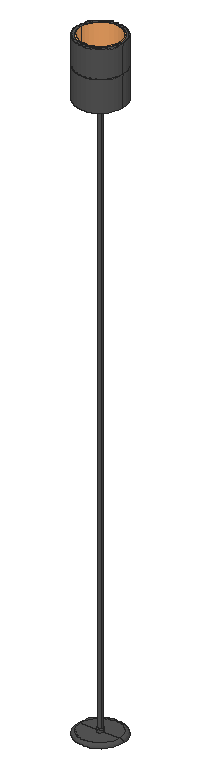
Revit family "MELO CYLINDER PENDANT LIGHT", category Lighting Fixtures, host Face, Revit 2020 (continued)
Types (16): name | Wattage_Input | Wattage Comments | Wattage | Voltage_Input | Size 08 | Size 06 | Size 04 | Selectable Wattage | Photometric Web File | Pendent Rod Length_1 | Pendent | Order number | built-in parameter 1150142 | Model | built-in parameter 1150105 | Lumens | built-in parameter 1150106 | Fixture Diameter | Canopy for Surface Mount J-box | Canopy for Recessed J-Box | Canopy Height | C2 H | C1 H | BEAMING ANGLE
     \r\n 0.11     0.11     0.11     0.12     0.13     0.14     0.14     0.15     0.15     0.15     \r\n 0.15     0.15     0.15     0.15     0.15     0.15     0.16     0.20     0.23     0.23     \r\n 0.23     0.23     0.24     0.25     0.29     0.29     0.32     0.38     0.38     0.40     \r\n 0.44     0.49     0.54     0.58     0.65     0.69     0.77     0.87     0.97     1.11     \r\n 1.25     1.41     1.56     1.76     1.99     2.25     2.55     2.88     3.26     3.68     \r\n 4.15     4.70     5.30     6.02     6.80     7.70     8.72     9.83     11.08    12.41    \r\n 13.80    15.19    16.57    17.91    19.16    20.29    21.25    22.05    22.68    23.15    \r\n 23.48    23.69    23.66    23.53    23.28    23.01    22.72    22.39    22.12    21.94    \r\n 21.74    \r\n38592.52 38355.74 37431.64 35430.70 31875.66 27824.38 23779.26 20225.50 16946.93 14439.09 \r\n 12309.67 10513.63 9008.67  7744.65  6723.66  5883.95  5157.99  4539.30  3998.61  3515.64  \r\n 3101.87  2688.71  2331.93  2001.77  1705.48  1437.57  1209.82  1015.68  858.20   726.97   \r\n 624.00   542.26   474.94   421.19   373.60   330.78   294.77   258.80   226.08   199.46   \r\n 176.73   154.80   133.75   115.56   99.01    84.47    72.27    61.64    51.51    44.32    \r\n 36.55    32.18    30.03    28.72    27.75    26.58    25.43    24.43    23.61    22.88    \r\n 22.08    21.11    20.15    19.16    18.19    17.21    16.28    15.37    14.44    13.55    \r\n 12.66    11.81    10.97    10.16    9.37     8.61     7.88     7.15     6.46     5.79     \r\n 5.15     4.52     3.91     3.32     2.75     2.21     1.67     1.16     0.65     0.19     \r\n 0.09     0.09     0.09     0.09     0.09     0.09     0.09     0.09     0.09     0.11     \r\n 0.11     0.12     0.12     0.12     0.12     0.13     0.14     0.14     0.14     0.15     \r\n 0.15     0.16     0.16     0.17     0.17     0.18     0.18     0.19     0.20     0.22     \r\n 0.23     0.24     0.26     0.28     0.29     0.31     0.34     0.36     0.39     0.43     \r\n 0.46     0.49     0.54     0.59     0.64     0.72     0.79     0.87     0.98     1.09     \r\n 1.23     1.38     1.55     1.75     1.97     2.22     2.50     2.81     3.17     3.59     \r\n 4.05     4.58     5.17     5.86     6.66     7.59     8.62     9.72     10.97    12.27    \r\n 13.66    15.07    16.47    17.82    19.07    20.17    21.12    21.93    22.58    23.08    \r\n 23.42    23.60    23.59    23.48    23.32    23.15    22.89    22.62    22.37    22.17    \r\n 21.74    \r\n38481.39 38135.04 37097.85 34783.84 31035.17 26846.17 23142.69 19661.71 16571.95 14060.41 \r\n 12139.22 10223.22 8731.46  7521.19  6548.37  5727.50  5042.83  4450.25  3936.51  3477.08  \r\n 3061.37  2684.12  2341.99  2020.37  1727.62  1459.08  1245.87  1033.08  870.45   733.26   \r\n 630.30   545.41   478.30   423.45   374.47   331.93   294.76   259.62   225.96   199.57   \r\n 177.03   153.91   132.23   114.25   97.69    83.14    70.91    60.14    49.97    42.81    \r\n 35.29    31.60    29.60    28.49    27.47    26.28    25.11    24.13    23.32    22.60    \r\n 21.77    20.86    19.92    18.93    17.96    17.00    16.05    15.13    14.22    13.31    \r\n 12.43    11.59    10.77    9.99     9.18     8.43     7.69     6.99     6.31     5.65     \r\n 5.01     4.39     3.80     3.19     2.65     2.10     1.58     1.07     0.55     0.17     \r\n 0.12     0.12     0.12     0.12     0.12     0.12     0.12     0.12     0.12     0.12     \r\n 0.12     0.12     0.12     0.12     0.13     0.14     0.15     0.15     0.15     0.15     \r\n 0.15     0.15     0.15     0.15     0.15     0.15     0.17     0.17     0.20     0.21     \r\n 0.21     0.21     0.23     0.25     0.28     0.29     0.31     0.35     0.37     0.43     \r\n 0.46     0.48     0.52     0.59     0.65     0.70     0.78     0.87     0.97     1.11     \r\n 1.23     1.40     1.57     1.76     1.99     2.23     2.53     2.85     3.23     3.64     \r\n 4.12     4.68     5.30     6.02     6.83     7.73     8.77     9.89     11.15    12.50    \r\n 13.87    15.27    16.64    17.94    19.17    20.28    21.19    21.95    22.55    22.99    \r\n 23.26    23.38    23.39    23.37    23.24    23.06    22.83    22.62    22.42    22.25    \r\n 21.74    \r\n38404.20 38046.00 37012.64 34756.10 31080.28 26978.59 23269.30 19834.93 16741.46 14302.91 \r\n 12205.35 10449.97 8931.97  7674.97  6653.68  5828.70  5119.77  4515.82  3992.70  3529.54  \r\n 3131.62  2734.20  2384.47  2060.92  1768.16  1497.20  1265.48  1062.81  898.17   759.33   \r\n 650.10   562.81   491.08   434.76   385.38   341.32   304.12   265.91   227.84   201.33   \r\n 178.79   156.28   135.47   117.26   100.45   85.59    72.77    61.64    51.15    44.04    \r\n 36.14    32.05    29.89    28.60    27.59    26.39    25.22    24.20    23.34    22.57    \r\n 21.74    20.80    19.84    18.86    17.90    16.95    16.03    15.12    14.21    13.32    \r\n 12.44    11.59    10.76    9.96     9.19     8.42     7.70     6.97     6.30     5.64     \r\n 5.00     4.37     3.78     3.18     2.63     2.08     1.57     1.05     0.56     0.12     \r\n 0.08     0.08     0.09     0.09     0.09     0.10     0.10     0.11     0.11     0.11     \r\n 0.11     0.12     0.12     0.12     0.13     0.13     0.13     0.14     0.14     0.14     \r\n 0.14     0.15     0.16     0.17     0.18     0.19     0.19     0.20     0.21     0.21     \r\n 0.23     0.24     0.26     0.27     0.30     0.32     0.34     0.36     0.40     0.42     \r\n 0.46     0.50     0.54     0.59     0.65     0.72     0.79     0.87     0.97     1.09     \r\n 1.22     1.37     1.54     1.73     1.94     2.21     2.49     2.81     3.17     3.60     \r\n 4.07     4.61     5.22     5.92     6.74     7.68     8.70     9.85     11.11    12.41    \r\n 13.79    15.18    16.55    17.87    19.08    20.14    21.04    21.82    22.43    22.87    \r\n 23.14    23.23    23.22    23.05    22.86    22.66    22.43    22.24    22.10    22.05    \r\n 21.74    \r\n38295.28 37818.21 36631.53 34116.85 30246.02 26088.54 22459.46 19090.34 16223.99 13881.29 \r\n 12024.27 10171.50 8719.29  7531.91  6557.86  5737.93  5042.47  4438.51  3906.82  3433.13  \r\n 3006.95  2616.45  2262.93  1941.69  1659.75  1410.59  1212.61  1015.01  862.17   731.15   \r\n 629.92   546.43   479.59   425.30   378.16   335.79   299.54   260.26   224.08   197.97   \r\n 176.04   153.54   132.35   114.81   98.61    83.97    71.60    60.39    50.15    42.99    \r\n 35.40    31.72    29.68    28.54    27.47    26.31    25.18    24.19    23.20    22.40    \r\n 21.57    20.62    19.67    18.70    17.73    16.77    15.84    14.93    14.03    13.12    \r\n 12.23    11.41    10.60    9.82     9.01     8.27     7.54     6.85     6.18     5.51     \r\n 4.88     4.26     3.68     3.08     2.54     2.00     1.48     1.00     0.47     0.15     \r\n 0.12     0.12     0.12     0.12     0.12     0.12     0.12     0.12     0.12     0.12     \r\n 0.12     0.12     0.12     0.12     0.14     0.14     0.14     0.14     0.14     0.14     \r\n 0.14     0.14     0.14     0.14     0.15     0.16     0.18     0.22     0.24     0.24     \r\n 0.24     0.24     0.24     0.28     0.29     0.29     0.32     0.36     0.37     0.41     \r\n 0.43     0.48     0.52     0.61     0.64     0.69     0.76     0.87     0.96     1.07     \r\n 1.20     1.36     1.54     1.73     1.96     2.22     2.52     2.85     3.24     3.67     \r\n 4.17     4.74     5.37     6.10     6.92     7.83     8.89     10.04    11.31    12.66    \r\n 14.05    15.39    16.74    17.99    19.18    20.25    21.12    21.86    22.41    22.82    \r\n 23.05    23.12    23.07    22.86    22.59    22.35    22.13    21.98    21.89    21.86    \r\n 21.74    \r\n38234.67 37763.67 36566.44 34126.17 30156.21 26189.14 22460.15 19099.76 16228.50 13964.97 \r\n 12003.67 10314.25 8868.47  7655.34  6658.55  5844.39  5139.17  4531.78  3995.81  3516.60  \r\n 3104.76  2693.54  2341.36  2016.34  1725.04  1460.84  1236.95  1042.64  883.39   748.34   \r\n 641.52   555.47   485.27   429.74   382.45   339.13   299.98   260.83   221.81   195.39   \r\n 173.56   151.35   131.11   113.77   98.07    84.05    72.02    61.15    50.66    43.69    \r\n 35.82    31.90    29.75    28.43    27.38    26.21    25.10    24.10    23.18    22.39    \r\n 21.53    20.58    19.62    18.63    17.66    16.72    15.82    14.91    14.00    13.12    \r\n 12.25    11.40    10.60    9.79     9.02     8.27     7.55     6.84     6.18     5.51     \r\n 4.88     4.26     3.67     3.09     2.53     2.00     1.49     0.98     0.50     0.09     \r\n 0.08     0.08     0.08     0.09     0.10     0.09     0.10     0.10     0.10     0.10     \r\n 0.10     0.11     0.11     0.12     0.13     0.13     0.13     0.14     0.14     0.15     \r\n 0.15     0.16     0.16     0.17     0.17     0.19     0.19     0.20     0.21     0.22     \r\n 0.23     0.25     0.26     0.28     0.30     0.32     0.34     0.36     0.40     0.43     \r\n 0.46     0.50     0.55     0.59     0.64     0.71     0.78     0.87     0.97     1.08     \r\n 1.21     1.36     1.53     1.72     1.94     2.20     2.50     2.82     3.20     3.63     \r\n 4.11     4.68     5.28     6.00     6.84     7.79     8.83     9.98     11.23    12.55    \r\n 13.93    15.31    16.68    17.96    19.14    20.16    21.04    21.80    22.39    22.81    \r\n 23.05    23.07    22.98    22.77    22.48    22.22    22.01    21.82    21.74    21.73    \r\n 21.74    \r\n38113.23 37552.41 36165.61 33412.75 29470.51 25368.07 21850.67 18552.09 15834.63 13732.68 \r\n 11636.29 10031.48 8637.31  7485.19  6543.40  5751.94  5081.56  4495.22  3975.91  3510.78  \r\n 3086.56  2699.84  2348.70  2019.96  1726.20  1461.43  1250.95  1040.88  878.74   740.59   \r\n 634.45   546.88   477.65   421.35   373.69   331.11   294.60   253.58   217.80   192.35   \r\n 170.69   149.06   127.42   110.21   94.79    81.15    69.60    59.08    49.25    41.97    \r\n 34.91    31.49    29.44    28.28    27.25    26.09    24.87    23.80    22.91    22.17    \r\n 21.30    20.36    19.40    18.43    17.47    16.53    15.60    14.69    13.80    12.90    \r\n 12.05    11.22    10.43    9.66     8.86     8.12     7.39     6.71     6.04     5.40     \r\n 4.77     4.16     3.58     2.99     2.46     1.93     1.43     0.94     0.43     0.14     \r\n 0.12     0.12     0.12     0.12     0.12     0.12     0.12     0.12     0.12     0.12     \r\n 0.12     0.12     0.13     0.14     0.14     0.14     0.14     0.15     0.15     0.15     \r\n 0.15     0.15     0.15     0.15     0.15     0.16     0.17     0.19     0.21     0.21     \r\n 0.21     0.22     0.24     0.26     0.29     0.29     0.32     0.35     0.39     0.40     \r\n 0.43     0.51     0.52     0.58     0.66     0.69     0.76     0.86     0.96     1.08     \r\n 1.21     1.37     1.55     1.74     1.98     2.24     2.55     2.88     3.27     3.71     \r\n 4.21     4.77     5.42     6.16     6.99     7.90     8.96     10.13    11.40    12.75    \r\n 14.12    15.49    16.82    18.05    19.22    20.28    21.14    21.85    22.40    22.79    \r\n 23.02    23.08    23.02    22.79    22.50    22.25    22.03    21.85    21.73    21.68    \r\n 21.74    \r\n38037.67 37504.72 36142.97 33467.36 29525.29 25588.57 22088.62 18884.44 16040.60 13849.56 \r\n 11912.13 10261.82 8832.66  7639.12  6673.90  5875.89  5189.21  4604.07  4087.45  3620.48  \r\n 3215.90  2811.84  2457.24  2125.15  1820.86  1538.13  1296.52  1084.50  911.99   766.27   \r\n 652.18   561.50   487.62   430.02   380.69   336.30   296.76   257.27   221.72   196.20   \r\n 174.46   151.94   131.71   113.95   97.74    83.53    71.32    60.35    49.97    42.83    \r\n 35.24    31.52    29.43    28.20    27.16    25.95    24.79    23.82    22.94    22.11    \r\n 21.22    20.26    19.30    18.37    17.40    16.47    15.56    14.66    13.77    12.90    \r\n 12.04    11.21    10.41    9.62     8.86     8.12     7.41     6.70     6.05     5.39     \r\n 4.77     4.16     3.58     3.01     2.47     1.95     1.45     0.95     0.48     0.08     \r\n 0.08     0.09     0.09     0.09     0.09     0.10     0.10     0.11     0.11     0.11     \r\n 0.11     0.12     0.12     0.12     0.13     0.13     0.14     0.14     0.14     0.14     \r\n 0.15     0.16     0.16     0.17     0.18     0.19     0.19     0.20     0.21     0.21     \r\n 0.22     0.25     0.26     0.27     0.29     0.33     0.34     0.36     0.40     0.42     \r\n 0.45     0.50     0.55     0.58     0.64     0.71     0.78     0.87     0.96     1.08     \r\n 1.22     1.37     1.54     1.74     1.96     2.23     2.52     2.84     3.21     3.65     \r\n 4.12     4.68     5.29     5.99     6.82     7.76     8.80     9.93     11.20    12.50    \r\n 13.88    15.25    16.59    17.87    19.02    20.03    20.92    21.68    22.25    22.68    \r\n 22.93    23.00    22.94    22.78    22.56    22.33    22.10    21.90    21.80    21.78    \r\n 21.74    \r\n37782.44 37081.38 35405.86 32274.95 28209.20 24439.18 21138.05 18022.15 15431.46 13414.79 \r\n 11403.31 9832.13  8487.61  7397.49  6491.00  5717.68  5065.74  4499.76  4002.25  3552.83  \r\n 3138.15  2752.91  2399.90  2066.45  1761.84  1485.21  1264.15  1043.51  874.63   733.46   \r\n 627.19   539.87   471.41   415.32   367.31   324.42   287.90   248.99   216.58   192.19   \r\n 170.18   148.66   127.15   109.49   93.71    79.62    67.87    56.89    47.67    40.07    \r\n 33.69    30.78    29.18    28.20    27.12    25.88    24.66    23.62    22.71    21.86    \r\n 20.92    19.97    19.02    18.08    17.11    16.17    15.24    14.34    13.46    12.60    \r\n 11.74    10.94    10.14    9.39     8.62     7.89     7.18     6.51     5.86     5.22     \r\n 4.61     4.01     3.44     2.87     2.35     1.83     1.34     0.86     0.37     0.13     \r\n 0.12     0.12     0.12     0.12     0.12     0.12     0.12     0.12     0.12     0.12     \r\n 0.12     0.12     0.13     0.14     0.14     0.15     0.15     0.16     0.16     0.16     \r\n 0.16     0.16     0.16     0.16     0.16     0.16     0.16     0.18     0.21     0.21     \r\n 0.22     0.23     0.23     0.31     0.31     0.31     0.32     0.37     0.37     0.40     \r\n 0.45     0.50     0.54     0.57     0.66     0.69     0.79     0.91     0.98     1.11     \r\n 1.25     1.40     1.59     1.79     2.03     2.29     2.60     2.95     3.33     3.77     \r\n 4.26     4.83     5.47     6.20     7.02     7.93     8.99     10.15    11.41    12.74    \r\n 14.11    15.46    16.77    18.01    19.14    20.14    20.96    21.64    22.15    22.49    \r\n 22.68    22.73    22.69    22.55    22.35    22.09    21.85    21.66    21.56    21.54    \r\n 21.74    \r\n37747.62 37195.66 35787.05 33057.23 29222.53 25392.92 21978.59 18770.83 16049.75 13826.86 \r\n 11894.75 10259.10 8841.25  7652.77  6679.55  5878.31  5195.94  4619.30  4107.82  3639.88  \r\n 3231.78  2824.20  2464.43  2126.33  1816.75  1530.10  1284.65  1070.58  896.60   751.87   \r\n 639.17   550.40   477.89   421.07   372.14   327.41   290.12   252.86   219.05   193.24   \r\n 171.44   149.09   129.04   111.50   95.54    81.48    69.53    58.90    48.69    41.77    \r\n 34.81    31.25    29.26    28.05    27.04    25.83    24.68    23.72    22.80    21.98    \r\n 21.09    20.14    19.19    18.24    17.30    16.36    15.45    14.55    13.65    12.79    \r\n 11.95    11.12    10.32    9.53     8.78     8.05     7.35     6.65     6.00     5.36     \r\n 4.74     4.13     3.56     3.00     2.46     1.95     1.46     0.97     0.50     0.09     \r\n 0.09     0.09     0.10     0.10     0.10     0.10     0.10     0.10     0.10     0.11     \r\n 0.11     0.11     0.12     0.12     0.13     0.12     0.13     0.14     0.14     0.14     \r\n 0.14     0.15     0.15     0.16     0.17     0.18     0.18     0.20     0.21     0.21     \r\n 0.22     0.25     0.25     0.26     0.29     0.31     0.34     0.35     0.36     0.41     \r\n 0.44     0.48     0.53     0.57     0.64     0.71     0.77     0.85     0.96     1.08     \r\n 1.22     1.36     1.54     1.72     1.95     2.21     2.50     2.82     3.18     3.60     \r\n 4.08     4.61     5.21     5.92     6.69     7.63     8.64     9.75     11.00    12.29    \r\n 13.66    15.03    16.37    17.64    18.80    19.78    20.65    21.35    21.89    22.28    \r\n 22.52    22.58    22.53    22.40    22.20    21.97    21.72    21.49    21.33    21.34    \r\n 21.74    \r\n37645.30 37131.32 35846.93 33169.10 29380.57 25506.08 22065.00 18757.87 1607
